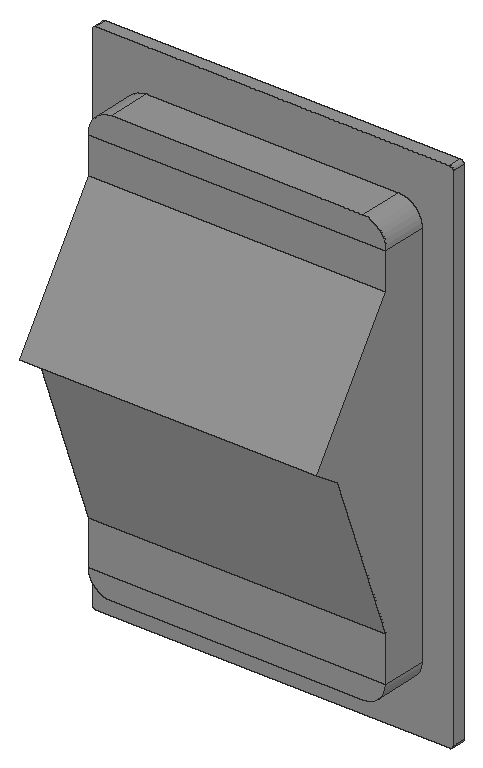
Revit family "L&L_LUCE&LIGHT_PASITO_MINI_1.1", category Lighting Fixtures, host Wall, Revit 2018 (continued)
Types (2, lengths in mm): name | built-in parameter 1150142 | Photometric Web File
    0.00 0.00 0.00 0.00 0.00 0.00 0.00 0.00 0.00 0.00 0.00 \r\n0.00 0.00 0.00 0.00 0.00 0.00 0.00 0.00 0.00 0.00 0.00 \r\n0.00 0.00 0.00 0.00 0.00 0.00 0.00 0.00 0.00 0.00 0.00 \r\n0.00 0.00 0.00 0.01 0.02 \r\n0.01 0.01 0.01 0.00 0.00 0.00 0.00 0.00 0.00 0.00 0.00 \r\n0.00 0.00 0.00 0.00 0.00 0.00 0.00 0.00 0.00 0.00 0.00 \r\n0.00 0.00 0.00 0.00 0.00 0.00 0.00 0.00 0.00 0.00 0.00 \r\n0.00 0.00 0.00 0.00 0.00 0.00 0.00 0.00 0.00 0.00 0.00 \r\n0.00 0.00 0.00 0.00 0.00 0.00 0.00 0.00 0.00 0.00 0.00 \r\n0.00 0.00 0.00 0.00 0.00 0.00 0.00 0.00 0.00 0.00 0.00 \r\n0.00 0.00 0.00 0.00 0.00 0.00 0.00 0.00 0.00 0.00 0.00 \r\n0.00 0.00 0.00 0.00 0.00 0.00 0.00 0.00 0.00 0.00 0.00 \r\n0.00 0.00 0.00 0.00 0.00 0.00 0.00 0.00 0.00 0.00 0.00 \r\n0.00 0.00 0.00 0.00 0.00 0.00 0.00 0.00 0.00 0.00 0.00 \r\n0.00 0.00 0.00 0.00 0.00 0.00 0.00 0.00 0.00 0.00 0.00 \r\n0.00 0.00 0.00 0.00 0.00 0.00 0.00 0.00 0.00 0.00 0.00 \r\n0.00 0.00 0.00 0.00 0.00 0.00 0.00 0.00 0.00 0.00 0.00 \r\n0.00 0.00 0.00 0.00 0.00 0.00 0.00 0.00 0.00 0.00 0.00 \r\n0.00 0.00 0.00 0.00 0.00 0.00 0.00 0.00 0.00 0.00 0.00 \r\n0.00 0.00 0.00 0.00 0.00 0.00 0.00 0.00 0.00 0.00 0.00 \r\n0.00 0.00 0.00 0.01 0.02 \r\n0.01 0.01 0.01 0.01 0.00 0.00 0.00 0.00 0.00 0.00 0.00 \r\n0.00 0.00 0.00 0.00 0.00 0.00 0.00 0.00 0.00 0.00 0.00 \r\n0.00 0.00 0.00 0.00 0.00 0.00 0.00 0.00 0.00 0.00 0.00 \r\n0.00 0.00 0.00 0.00 0.00 0.00 0.00 0.00 0.00 0.00 0.00 \r\n0.00 0.00 0.00 0.00 0.00 0.00 0.00 0.00 0.00 0.00 0.00 \r\n0.00 0.00 0.00 0.00 0.00 0.00 0.00 0.00 0.00 0.00 0.00 \r\n0.00 0.00 0.00 0.00 0.00 0.00 0.00 0.00 0.00 0.00 0.00 \r\n0.00 0.00 0.00 0.00 0.00 0.00 0.00 0.00 0.00 0.00 0.00 \r\n0.00 0.00 0.00 0.00 0.00 0.00 0.00 0.00 0.00 0.00 0.00 \r\n0.00 0.00 0.00 0.00 0.00 0.00 0.00 0.00 0.00 0.00 0.00 \r\n0.00 0.00 0.00 0.00 0.00 0.00 0.00 0.00 0.00 0.00 0.00 \r\n0.00 0.00 0.00 0.00 0.00 0.00 0.00 0.00 0.00 0.00 0.00 \r\n0.00 0.00 0.00 0.00 0.00 0.00 0.00 0.00 0.00 0.00 0.00 \r\n0.00 0.00 0.00 0.00 0.00 0.00 0.00 0.00 0.00 0.00 0.00 \r\n0.00 0.00 0.00 0.00 0.00 0.00 0.00 0.00 0.00 0.00 0.00 \r\n0.00 0.00 0.00 0.00 0.00 0.00 0.00 0.00 0.00 0.00 0.00 \r\n0.00 0.00 0.01 0.01 0.02 \r\n0.01 0.01 0.02 0.01 0.01 0.00 0.00 0.00 0.00 0.00 0.00 \r\n0.00 0.00 0.00 0.00 0.00 0.00 0.00 0.00 0.00 0.00 0.00 \r\n0.00 0.00 0.00 0.00 0.00 0.00 0.00 0.00 0.00 0.00 0.00 \r\n0.00 0.00 0.00 0.00 0.00 0.00 0.00 0.00 0.00 0.00 0.00 \r\n0.00 0.00 0.00 0.00 0.00 0.00 0.00 0.00 0.00 0.00 0.00 \r\n0.00 0.00 0.00 0.00 0.00 0.00 0.00 0.00 0.00 0.00 0.00 \r\n0.00 0.00 0.00 0.00 0.00 0.00 0.00 0.00 0.00 0.00 0.00 \r\n0.00 0.00 0.00 0.00 0.00 0.00 0.00 0.00 0.00 0.00 0.00 \r\n0.00 0.00 0.00 0.00 0.00 0.00 0.00 0.00 0.00 0.00 0.00 \r\n0.00 0.00 0.00 0.00 0.00 0.00 0.00 0.00 0.00 0.00 0.00 \r\n0.00 0.00 0.00 0.00 0.00 0.00 0.00 0.00 0.00 0.00 0.00 \r\n0.00 0.00 0.00 0.00 0.00 0.00 0.00 0.00 0.00 0.00 0.00 \r\n0.00 0.00 0.00 0.00 0.00 0.00 0.00 0.00 0.00 0.00 0.00 \r\n0.00 0.00 0.00 0.00 0.00 0.00 0.00 0.00 0.00 0.00 0.00 \r\n0.00 0.00 0.00 0.00 0.00 0.00 0.00 0.00 0.00 0.00 0.00 \r\n0.00 0.00 0.00 0.00 0.00 0.00 0.00 0.00 0.00 0.00 0.00 \r\n0.00 0.01 0.01 0.01 0.02 \r\n0.01 0.02 0.02 0.02 0.02 0.02 0.02 0.01 0.01 0.01 0.00 \r\n0.00 0.00 0.00 0.00 0.00 0.00 0.00 0.00 0.00 0.00 0.00 \r\n0.00 0.00 0.00 0.00 0.00 0.00 0.00 0.00 0.00 0.00 0.00 \r\n0.00 0.00 0.00 0.00 0.00 0.00 0.00 0.00 0.00 0.00 0.00 \r\n0.00 0.00 0.00 0.00 0.00 0.00 0.00 0.00 0.00 0.00 0.00 \r\n0.00 0.00 0.00 0.00 0.00 0.00 0.00 0.00 0.00 0.00 0.00 \r\n0.00 0.00 0.00 0.00 0.00 0.00 0.00 0.00 0.00 0.00 0.00 \r\n0.00 0.00 0.00 0.00 0.00 0.00 0.00 0.00 0.00 0.00 0.00 \r\n0.00 0.00 0.00 0.00 0.00 0.00 0.00 0.00 0.00 0.00 0.00 \r\n0.00 0.00 0.00 0.00 0.00 0.00 0.00 0.00 0.00 0.00 0.00 \r\n0.00 0.00 0.00 0.00 0.00 0.00 0.00 0.00 0.00 0.00 0.00 \r\n0.00 0.00 0.00 0.00 0.00 0.00 0.00 0.00 0.00 0.00 0.00 \r\n0.00 0.00 0.00 0.00 0.00 0.00 0.00 0.00 0.00 0.00 0.00 \r\n0.00 0.00 0.00 0.00 0.00 0.00 0.00 0.00 0.00 0.00 0.00 \r\n0.00 0.00 0.00 0.00 0.00 0.00 0.00 0.00 0.00 0.00 0.00 \r\n0.00 0.00 0.00 0.00 0.00 0.00 0.00 0.01 0.01 0.01 0.01 \r\n0.01 0.01 0.01 0.01 0.02 \r\n0.01 0.02 0.02 0.02 0.03 0.03 0.03 0.04 0.04 0.04 0.05 \r\n0.05 0.05 0.06 0.06 0.07 0.07 0.07 0.08 0.08 0.09 0.09 \r\n0.10 0.10 0.10 0.11 0.11 0.12 0.12 0.13 0.13 0.14 0.14 \r\n0.15 0.15 0.16 0.16 0.16 0.17 0.17 0.18 0.18 0.19 0.19 \r\n0.19 0.20 0.20 0.21 0.21 0.21 0.22 0.22 0.23 0.23 0.23 \r\n0.24 0.24 0.25 0.25 0.25 0.26 0.26 0.26 0.27 0.27 0.27 \r\n0.28 0.28 0.28 0.29 0.29 0.29 0.30 0.30 0.30 0.31 0.31 \r\n0.31 0.31 0.31 0.32 0.32 0.32 0.32 0.32 0.32 0.33 0.33 \r\n0.33 0.33 0.33 0.33 0.33 0.33 0.33 0.33 0.33 0.33 0.33 \r\n0.33 0.33 0.33 0.32 0.32 0.32 0.32 0.32 0.31 0.31 0.31 \r\n0.31 0.30 0.30 0.30 0.29 0.29 0.29 0.28 0.28 0.28 0.27 \r\n0.27 0.26 0.26 0.25 0.25 0.24 0.24 0.23 0.23 0.23 0.22 \r\n0.22 0.21 0.21 0.20 0.20 0.19 0.19 0.18 0.18 0.17 0.17 \r\n0.16 0.16 0.15 0.15 0.14 0.14 0.13 0.13 0.12 0.12 0.11 \r\n0.11 0.10 0.10 0.09 0.09 0.08 0.08 0.07 0.07 0.06 0.06 \r\n0.05 0.05 0.04 0.04 0.03 0.03 0.03 0.02 0.02 0.02 0.02 \r\n0.02 0.02 0.02 0.02 0.02 \r\n0.01 0.02 0.04 0.06 0.08 0.10 0.12 0.15 0.18 0.21 0.24 \r\n0.26 0.30 0.36 0.41 0.46 0.51 0.56 0.60 0.65 0.71 0.77 \r\n0.83 0.88 0.94 0.98 1.01 1.04 1.08 1.11 1.15 1.18 1.21 \r\n1.23 1.26 1.28 1.31 1.35 1.38 1.42 1.45 1.49 1.51 1.53 \r\n1.55 1.57 1.59 1.61 1.63 1.65 1.66 1.68 1.69 1.70 1.71 \r\n1.72 1.73 1.75 1.76 1.77 1.78 1.78 1.78 1.77 1.77 1.76 \r\n1.75 1.75 1.75 1.75 1.75 1.74 1.73 1.72 1.71 1.70 1.69 \r\n1.67 1.66 1.65 1.64 1.62 1.61 1.60 1.58 1.57 1.55 1.53 \r\n1.51 1.50 1.48 1.47 1.46 1.45 1.43 1.42 1.40 1.38 1.36 \r\n1.34 1.33 1.31 1.29 1.28 1.26 1.25 1.23 1.20 1.18 1.16 \r\n1.13 1.11 1.09 1.07 1.05 1.03 1.01 0.98 0.96 0.94 0.92 \r\n0.89 0.87 0.85 0.83 0.81 0.79 0.77 0.75 0.73 0.71 0.69 \r\n0.67 0.64 0.62 0.60 0.58 0.56 0.54 0.53 0.51 0.49 0.47 \r\n0.46 0.44 0.42 0.41 0.39 0.37 0.35 0.33 0.32 0.30 0.28 \r\n0.27 0.25 0.24 0.22 0.21 0.20 0.18 0.17 0.15 0.14 0.13 \r\n0.11 0.10 0.09 0.08 0.07 0.06 0.06 0.05 0.04 0.04 0.03 \r\n0.03 0.02 0.02 0.02 0.02 \r\n0.01 0.03 0.06 0.09 0.15 0.22 0.28 0.39 0.50 0.62 0.74 \r\n0.86 0.97 1.08 1.18 1.28 1.37 1.46 1.55 1.64 1.74 1.84 \r\n1.96 2.09 2.24 2.39 2.50 2.57 2.63 2.67 2.68 2.74 2.80 \r\n2.85 2.90 2.95 2.99 3.03 3.09 3.14 3.19 3.25 3.31 3.37 \r\n3.44 3.50 3.56 3.61 3.64 3.67 3.70 3.73 3.76 3.79 3.81 \r\n3.83 3.84 3.85 3.85 3.86 3.87 3.87 3.87 3.87 3.86 3.85 \r\n3.84 3.83 3.81 3.79 3.77 3.74 3.71 3.68 3.64 3.61 3.57 \r\n3.54 3.50 3.46 3.42 3.37 3.33 3.29 3.24 3.19 3.14 3.09 \r\n3.04 2.98 2.93 2.87 2.82 2.77 2.72 2.68 2.63 2.59 2.55 \r\n2.51 2.47 2.43 2.39 2.35 2.31 2.26 2.22 2.18 2.14 2.09 \r\n2.05 2.01 1.97 1.93 1.89 1.85 1.80 1.76 1.72 1.68 1.64 \r\n1.60 1.56 1.52 1.49 1.45 1.41 1.38 1.34 1.31 1.27 1.24 \r\n1.20 1.16 1.13 1.09 1.06 1.03 0.99 0.96 0.93 0.90 0.86 \r\n0.83 0.80 0.77 0.74 0.71 0.67 0.64 0.61 0.59 0.56 0.53 \r\n0.51 0.48 0.45 0.42 0.40 0.37 0.35 0.32 0.30 0.28 0.25 \r\n0.23 0.21 0.19 0.17 0.15 0.13 0.11 0.10 0.08 0.06 0.05 \r\n0.04 0.03 0.02 0.02 0.02 \r\n0.01 0.04 0.08 0.15 0.25 0.43 0.60 0.79 0.97 1.13 1.28 \r\n1.40 1.52 1.62 1.74 1.90 2.09 2.33 2.59 2.90 3.23 3.61 \r\n4.00 4.42 4.80 5.20 5.53 5.84 6.07 6.25 6.37 6.47 6.55 \r\n6.63 6.69 6.72 6.75 6.79 6.87 6.96 7.04 7.12 7.17 7.22 \r\n7.27 7.32 7.39 7.44 7.49 7.51 7.53 7.54 7.56 7.58 7.62 \r\n7.64 7.64 7.63 7.62 7.61 7.60 7.58 7.55 7.50 7.44 7.37 \r\n7.29 7.22 7.14 7.07 6.99 6.91 6.82 6.73 6.64 6.55 6.45 \r\n6.35 6.26 6.16 6.07 5.97 5.88 5.78 5.68 5.57 5.47 5.37 \r\n5.27 5.16 5.05 4.93 4.81 4.68 4.54 4.39 4.23 4.07 3.90 \r\n3.75 3.62 3.50 3.41 3.33 3.27 3.21 3.15 3.09 3.03 2.97 \r\n2.91 2.85 2.80 2.74 2.69 2.63 2.58 2.52 2.47 2.41 2.36 \r\n2.31 2.26 2.21 2.16 2.10 2.05 2.00 1.95 1.90 1.85 1.80 \r\n1.74 1.69 1.64 1.59 1.55 1.51 1.46 1.41 1.36 1.32 1.27 \r\n1.23 1.18 1.14 1.09 1.05 1.00 0.96 0.92 0.88 0.84 0.80 \r\n0.75 0.71 0.67 0.63 0.59 0.56 0.52 0.48 0.45 0.42 0.39 \r\n0.35 0.32 0.29 0.26 0.23 0.20 0.18 0.15 0.13 0.10 0.08 \r\n0.05 0.03 0.02 0.02 0.02 \r\n0.01 0.04 0.10 0.21 0.43 0.70 0.95 1.16 1.34 1.49 1.61 \r\n1.77 1.97 2.27 2.66 3.11 3.61 4.17 4.79 5.50 6.22 6.95 \r\n7.68 8.42 9.12 10.00 10.78 11.44 12.00 12.38 12.61 12.73 \r\n12.80 12.91 12.97 12.99 12.95 12.92 12.96 13.05 13.14 \r\n13.19 13.19 13.17 13.18 13.18 13.20 13.18 13.15 13.11 \r\n13.07 13.02 12.96 12.89 12.80 12.74 12.66 12.60 12.52 \r\n12.43 12.33 12.21 12.08 11.94 11.79 11.63 11.47 11.29 \r\n11.11 10.94 10.76 10.58 10.39 10.21 10.03 9.84 9.66 9.48 \r\n9.31 9.13 8.95 8.78 8.60 8.43 8.25 8.08 7.91 7.74 7.57 \r\n7.40 7.23 7.07 6.90 6.73 6.54 6.34 6.13 5.90 5.66 5.41 \r\n5.14 4.88 4.63 4.41 4.23 4.10 4.01 3.95 3.90 3.86 3.80 \r\n3.74 3.67 3.60 3.53 3.46 3.39 3.33 3.26 3.20 3.13 3.06 \r\n2.99 2.92 2.85 2.79 2.73 2.67 2.60 2.53 2.46 2.40 2.34 \r\n2.27 2.20 2.14 2.07 2.01 1.95 1.89 1.82 1.76 1.69 1.63 \r\n1.57 1.51 1.45 1.39 1.34 1.28 1.23 1.17 1.11 1.06 1.00 \r\n0.95 0.90 0.84 0.79 0.74 0.69 0.65 0.60 0.56 0.51 0.47 \r\n0.43 0.39 0.35 0.31 0.27 0.24 0.21 0.18 0.14 0.11 0.07 \r\n0.04 0.02 0.02 0.02 \r\n0.01 0.05 0.13 0.33 0.64 0.97 1.24 1.43 1.59 1.77 2.04 \r\n2.42 2.91 3.49 4.18 4.99 5.91 6.89 7.86 8.92 10.16 11.55 \r\n13.02 14.51 16.14 17.80 19.37 20.81 22.16 23.21 23.76 \r\n23.83 23.65 23.53 23.52 23.54 23.56 23.50 23.42 23.41 \r\n23.36 23.25 23.12 23.04 22.94 22.83 22.72 22.62 22.50 \r\n22.33 22.12 21.94 21.76 21.61 21.45 21.28 21.07 20.84 \r\n20.58 20.33 20.09 19.88 19.65 19.41 19.14 18.85 18.53 \r\n18.19 17.83 17.47 17.11 16.76 16.42 16.07 15.71 15.32 \r\n14.93 14.53 14.12 13.72 13.31 12.92 12.53 12.15 11.77 \r\n11.40 11.05 10.70 10.36 10.04 9.73 9.43 9.15 8.87 8.60 \r\n8.32 8.04 7.76 7.47 7.17 6.87 6.58 6.29 6.01 5.74 5.49 \r\n5.27 5.08 4.93 4.82 4.73 4.66 4.59 4.53 4.46 4.38 4.30 \r\n4.22 4.13 4.04 3.96 3.87 3.79 3.71 3.62 3.54 3.45 3.37 \r\n3.29 3.21 3.12 3.03 2.95 2.86 2.77 2.69 2.61 2.53 2.45 \r\n2.37 2.29 2.21 2.13 2.06 1.98 1.90 1.83 1.75 1.68 1.61 \r\n1.54 1.47 1.40 1.33 1.26 1.19 1.13 1.06 1.00 0.94 0.88 \r\n0.82 0.76 0.70 0.65 0.59 0.54 0.49 0.44 0.39 0.35 0.31 \r\n0.27 0.22 0.18 0.14 0.09 0.05 0.03 0.02 0.02 \r\n0.01 0.06 0.15 0.44 0.85 1.20 1.44 1.61 1.86 2.27 2.80 \r\n3.43 4.18 5.08 6.18 7.42 8.72 10.16 11.87 13.81 15.91 \r\n18.28 20.95 23.75 26.69 29.87 33.01 35.68 37.75 39.22 \r\n40.09 40.49 40.46 40.22 40.17 40.33 40.40 40.26 40.04 \r\n39.89 39.84 39.75 39.57 39.35 39.09 38.76 38.43 38.19 \r\n38.01 37.78 37.44 37.07 36.70 36.30 35.89 35.47 35.01 \r\n34.48 33.93 33.45 32.99 32.52 31.98 31.42 30.86 30.30 \r\n29.69 29.05 28.38 27.71 27.04 26.37 25.67 24.95 24.23 \r\n23.49 22.75 21.98 21.19 20.38 19.56 18.74 17.93 17.15 \r\n16.40 15.68 15.00 14.35 13.73 13.16 12.62 12.13 11.67 \r\n11.23 10.82 10.41 10.02 9.63 9.25 8.88 8.53 8.18 7.86 \r\n7.54 7.24 6.95 6.67 6.42 6.19 6.00 5.85 5.72 5.62 5.52 \r\n5.43 5.34 5.24 5.13 5.03 4.92 4.82 4.71 4.61 4.51 4.41 \r\n4.31 4.20 4.10 4.00 3.89 3.79 3.68 3.58 3.48 3.37 3.27 \r\n3.17 3.07 2.98 2.88 2.77 2.68 2.58 2.49 2.39 2.30 2.21 \r\n2.13 2.04 1.96 1.87 1.78 1.69 1.60 1.52 1.44 1.36 1.28 \r\n1.21 1.13 1.05 0.98 0.91 0.84 0.78 0.72 0.65 0.59 0.53 \r\n0.48 0.42 0.37 0.32 0.27 0.22 0.17 0.12 0.07 0.03 0.02 \r\n0.02 \r\n0.01 0.06 0.21 0.59 1.03 1.37 1.58 1.85 2.36 3.01 3.75 \r\n4.66 5.77 7.15 8.67 10.26 12.20 14.54 17.09 19.96 23.38 \r\n27.18 31.34 35.82 40.02 43.76 47.10 49.82 51.81 52.93 \r\n53.29 53.70 54.47 55.21 55.70 56.06 56.38 56.65 56.97 \r\n57.33 57.61 57.64 57.47 57.33 57.25 57.13 56.94 56.63 \r\n56.21 55.76 55.32 54.85 54.31 53.68 53.00 52.27 51.49 \r\n50.72 49.95 49.14 48.27 47.35 46.37 45.36 44.35 43.37 \r\n42.37 41.32 40.20 39.05 37.92 36.79 35.65 34.45 33.22 \r\n31.93 30.63 29.34 28.03 26.72 25.42 24.15 22.90 21.70 \r\n20.57 19.50 18.51 17.60 16.76 15.98 15.27 14.61 14.00 \r\n13.42 12.87 12.33 11.81 11.32 10.84 10.40 9.98 9.59 9.23 \r\n8.90 8.60 8.31 8.04 7.78 7.53 7.28 7.06 6.85 6.67 6.52 \r\n6.40 6.29 6.18 6.06 5.93 5.82 5.69 5.56 5.43 5.31 5.19 \r\n5.06 4.94 4.82 4.70 4.58 4.45 4.33 4.22 4.10 3.98 3.86 \r\n3.74 3.62 3.50 3.38 3.26 3.14 3.03 2.92 2.81 2.69 2.59 \r\n2.49 2.39 2.28 2.18 2.07 1.98 1.88 1.78 1.67 1.58 1.50 \r\n1.40 1.32 1.23 1.15 1.07 0.99 0.91 0.83 0.76 0.69 0.62 \r\n0.55 0.49 0.43 0.37 0.32 0.26 0.20 0.14 0.08 0.04 0.02 \r\n0.02 \r\n0.01 0.07 0.27 0.73 1.20 1.50 1.76 2.25 2.98 3.80 4.83 \r\n6.14 7.76 9.45 11.30 13.74 16.57 19.71 23.54 27.96 32.63 \r\n37.73 42.90 47.67 51.58 54.44 56.50 57.94 59.13 60.32 \r\n61.44 62.46 63.53 64.62 65.53 66.24 66.88 67.61 68.34 \r\n68.91 69.26 69.49 69.70 69.89 70.06 70.14 70.07 69.88 \r\n69.64 69.36 68.99 68.47 67.83 67.15 66.46 65.72 64.89 \r\n63.96 62.95 61.87 60.72 59.53 58.31 57.04 55.69 54.34 \r\n52.96 51.47 49.94 48.40 46.82 45.18 43.49 41.77 40.01 \r\n38.20 36.34 34.46 32.60 30.77 29.01 27.33 25.75 24.28 \r\n22.94 21.71 20.58 19.55 18.61 17.75 16.96 16.24 15.57 \r\n14.93 14.32 13.73 13.16 12.62 12.11 11.64 11.20 10.79 \r\n10.41 10.06 9.74 9.45 9.18 8.95 8.73 8.52 8.30 8.06 7.82 \r\n7.57 7.35 7.17 7.04 6.93 6.80 6.65 6.50 6.36 6.24 6.10 \r\n5.94 5.80 5.67 5.54 5.38 5.23 5.10 4.98 4.83 4.69 4.55 \r\n4.42 4.28 4.15 4.02 3.88 3.74 3.61 3.48 3.35 3.21 3.09 \r\n2.97 2.84 2.72 2.59 2.48 2.37 2.25 2.13 2.03 1.92 1.81 \r\n1.70 1.60 1.50 1.40 1.30 1.21 1.12 1.03 0.95 0.86 0.78 \r\n0.71 0.63 0.56 0.49 0.42 0.36 0.29 0.23 0.16 0.10 0.04 \r\n0.02 0.02 \r\n0.01 0.07 0.33 0.85 1.33 1.59 2.00 2.72 3.61 4.70 6.13 \r\n7.90 9.72 11.86 14.65 17.90 21.69 26.22 31.29 36.88 42.92 \r\n48.75 53.54 56.97 59.28 61.23 63.09 64.94 66.56 68.08 \r\n69.76 71.37 72.83 74.07 75.32 76.66 77.80 78.78 79.76 \r\n80.67 81.43 82.06 82.64 83.10 83.46 83.74 83.80 83.77 \r\n83.78 83.74 83.50 83.00 82.36 81.66 80.90 80.08 79.20 \r\n78.23 77.16 76.00 74.73 73.30 71.76 70.19 68.58 66.88 \r\n65.09 63.23 61.27 59.21 57.03 54.72 52.31 49.82 47.23 \r\n44.57 41.89 39.25 36.68 34.24 31.96 29.88 27.98 26.27 \r\n24.72 23.34 22.09 20.97 19.96 19.04 18.21 17.45 16.74 \r\n16.08 15.44 14.82 14.23 13.67 13.15 12.67 12.22 11.81 \r\n11.42 11.06 10.73 10.42 10.15 9.90 9.68 9.48 9.29 9.10 \r\n8.89 8.65 8.38 8.12 7.89 7.71 7.57 7.43 7.27 7.10 6.94 \r\n6.80 6.66 6.51 6.34 6.18 6.04 5.89 5.73 5.55 5.40 5.27 \r\n5.11 4.94 4.80 4.65 4.49 4.35 4.20 4.05 3.90 3.76 3.61 \r\n3.47 3.34 3.19 3.05 2.92 2.78 2.65 2.53 2.40 2.27 2.15 \r\n2.03 1.91 1.80 1.68 1.58 1.46 1.35 1.25 1.15 1.06 0.96 \r\n0.87 0.79 0.70 0.62 0.55 0.47 0.39 0.32 0.25 0.18 0.11 \r\n0.05 0.02 0.02 \r\n0.01 0.08 0.38 0.97 1.43 1.70 2.29 3.18 4.29 5.73 7.55 \r\n9.52 11.82 14.84 18.45 22.56 27.60 33.40 39.87 46.73 \r\n52.80 57.39 60.47 62.96 65.37 67.74 69.93 72.13 74.37 \r\n76.40 78.50 80.51 82.32 84.08 85.82 87.46 88.92 90.35 \r\n91.74 93.06 94.25 95.21 96.05 96.90 97.57 98.06 98.46 \r\n98.68 98.77 98.76 98.60 98.25 97.82 97.30 96.60 95.78 \r\n94.79 93.65 92.50 91.24 89.82 88.26 86.51 84.67 82.73 \r\n80.64 78.45 76.16 73.69 71.00 68.10 65.00 61.70 58.22 \r\n54.61 50.94 47.31 43.80 40.49 37.44 34.67 32.19 30.00 \r\n28.06 26.33 24.81 23.45 22.25 21.17 20.19 19.30 18.50 \r\n17.75 17.05 16.38 15.73 15.12 14.55 14.02 13.53 13.08 \r\n12.65 12.26 11.91 11.57 11.26 10.97 10.71 10.47 10.26 \r\n10.07 9.89 9.72 9.52 9.29 9.02 8.75 8.50 8.29 8.13 7.98 \r\n7.83 7.65 7.45 7.28 7.12 6.98 6.81 6.62 6.45 6.28 6.12 \r\n5.95 5.77 5.61 5.45 5.28 5.11 4.94 4.79 4.62 4.46 4.31 \r\n4.15 3.98 3.83 3.66 3.51 3.36 3.21 3.06 2.92 2.78 2.64 \r\n2.49 2.36 2.24 2.11 1.98 1.85 1.73 1.61 1.49 1.37 1.26 \r\n1.16 1.06 0.96 0.86 0.77 0.68 0.60 0.51 0.43 0.35 0.27 \r\n0.20 0.13 0.06 0.02 0.02 \r\n0.01 0.08 0.44 1.08 1.49 1.82 2.59 3.64 5.00 6.78 8.83 \r\n11.15 14.24 18.03 22.33 27.65 34.06 41.17 48.59 55.00 \r\n59.49 62.83 65.79 68.61 71.33 74.09 76.91 79.51 82.09 \r\n84.72 87.14 89.45 91.83 94.16 96.20 98.14 100.17 102.06 \r\n103.86 105.52 107.04 108.36 109.48 110.62 111.60 112.30 \r\n112.89 113.43 113.72 113.83 113.72 113.49 113.23 112.79 \r\n112.15 111.32 110.35 109.23 107.95 106.52 104.96 103.25 \r\n101.39 99.35 97.10 94.65 91.98 89.07 85.89 82.42 78.66 \r\n74.62 70.30 65.79 61.18 56.55 52.04 47.77 43.82 40.27 \r\n37.11 34.32 31.86 29.70 27.81 26.16 24.69 23.39 22.23 \r\n21.18 20.24 19.40 18.62 17.89 17.18 16.51 15.88 15.29 \r\n14.75 14.24 13.79 13.36 12.96 12.59 12.25 11.94 11.66 \r\n11.40 11.16 10.94 10.74 10.55 10.37 10.21 10.04 9.81 9.55 \r\n9.26 9.00 8.76 8.57 8.41 8.26 8.07 7.87 7.67 7.49 7.33 \r\n7.18 6.99 6.78 6.60 6.43 6.26 6.07 5.89 5.71 5.54 5.36 \r\n5.18 5.01 4.84 4.66 4.48 4.31 4.14 3.98 3.81 3.63 3.48 \r\n3.32 3.17 3.01 2.85 2.71 2.56 2.41 2.27 2.14 2.00 1.88 \r\n1.74 1.61 1.48 1.36 1.25 1.15 1.04 0.93 0.83 0.73 0.64 \r\n0.55 0.46 0.37 0.29 0.21 0.14 0.06 0.02 0.02 \r\n0.01 0.08 0.50 1.16 1.54 1.97 2.87 4.07 5.69 7.70 1
